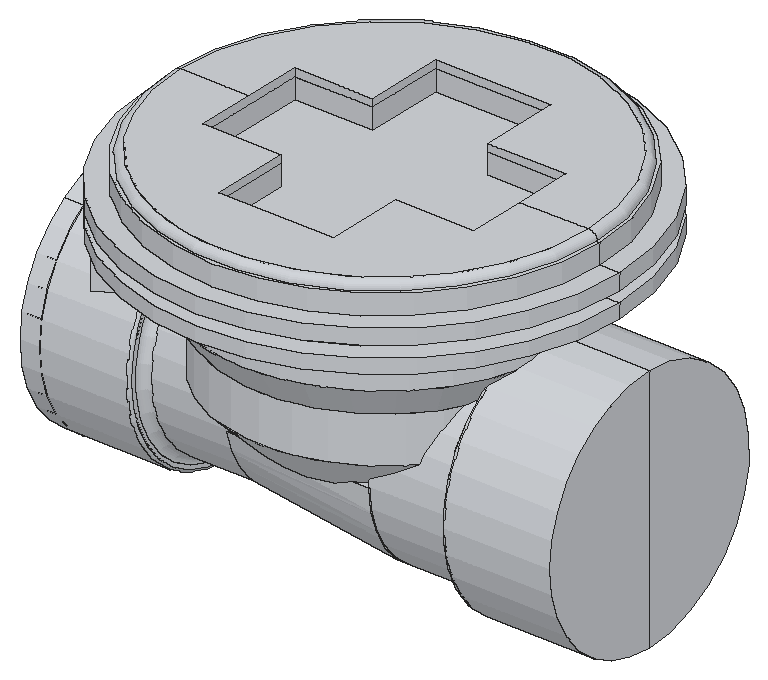
Revit family
Parameters
  URL = "www.siouxchief.com"
  Model = "869-S3A"
  Manufacturer = "Sioux Chief Manufacturing"
  Keynote = "Procheck Backflow Preventer"
  Description = "3\" ABS"
Reference planes (in)
  plane 1 "Center (Front/Back)": y = 0
  plane 2: z = 0
  plane 3 "Center (Left/Right)": x = 0
Forms (in)
  Revolve 1, solid
    sketch origin (6.20933, 0, 0) x (0, 0, 1) y (-1, 0, 0)
      loop
        line (-2.00277, 10.48306) -> (-2.00277, 8.77099)
        arc (-2.00277, 8.77099) -> (-1.98837, 8.73938) -> (-1.95771, 8.72306) r 0.05403
        line (-1.95771, 8.72306) -> (-1.89527, 8.72306)
        arc (-1.89527, 8.72306) -> (-1.7892, 8.67913) -> (-1.74527, 8.57306) r 0.15
        line (-1.74527, 8.57306) -> (-1.74527, 7.35856) -> (0, 7.35856) -> (0, 10.48306) -> (-2.00277, 10.48306)
      axis (0, 7.35856) -> (0, 10.48306)
    angle from 0 to 360
  Revolve 2, solid
    sketch origin (-6.20933, 0, -0.325) x (0, 0, 1) y (-1, 0, 0)
      loop
        line (-2.00277, -10.48306) -> (0, -10.48306) -> (0, -7.35856) -> (-1.74527, -7.35856) -> (-1.74527, -8.57306)
        arc (-1.74527, -8.57306) -> (-1.7892, -8.67913) -> (-1.89527, -8.72306) r 0.15
        line (-1.89527, -8.72306) -> (-1.95771, -8.72306)
        arc (-1.95771, -8.72306) -> (-1.98837, -8.73938) -> (-2.00277, -8.77099) r 0.05403
        line (-2.00277, -8.77099) -> (-2.00277, -10.48306)
      axis (0, -7.35856) -> (0, -10.48306)
    angle from 0 to 360
  Revolve 3, solid
    sketch origin (0, 0, 0) x (0, 0, 1) y (-1, 0, 0)
      loop
        line (3.2533, 3.4775) -> (2.9237, 3.4775) -> (2.9237, 3.8) -> (2.6737, 3.8) -> (2.6737, 3.4775) -> (2.4887, 3.4775) -> (2.4887, 3.8) -> (2.2598, 3.8) -> (2.2598, 2.88) -> (1.4989, 2.88) -> (0.966, 2.5126) -> (0.2115, 2.5126) -> (-0.4921, 1.809) -> (-0.4921, 0) -> (3.2533, 0) -> (3.2533, 3.4775)
      axis (3.2533, 0) -> (-0.4921, 0)
    angle from 0 to 360
  Extrusion 4, solid
    sketch origin (14.85944, -180, 25.11806) x (0, -1, 0) y (1, 0, 0)
      loop
        arc (-181.89136, -18.08549) -> (-180, -18.66043) -> (-178.10864, -18.08549) r 3.39844
        line (-178.10864, -18.08549) -> (-180, -14.85944) -> (-181.89136, -18.08549)
    from -24.08979 to -22.62936
  Blend 5, solid
    base sketch origin (1.14923, 0, -0.325) x (0, 1, 0) y (0, 0, -1)
      loop
        line (-1.7452, 0.01526) -> (1.7452, 0.01526)
        arc (1.7452, 0.01526) -> (0, 1.76046) -> (-1.7452, 0.01526) r 1.7452
    top sketch origin (1.14923, 0, -0.325) x (0, 1, 0) y (0, 0, -1)
      loop
        arc (1.7452, 0.01526) -> (0, 1.42027) -> (-1.7452, 0.01526) r 1.78639
        line (-1.7452, 0.01526) -> (1.7452, 0.01526)
    from 0 to 2.29846
  Extrusion 6, solid
    sketch origin (1.14923, 0, -0.325) x (0, 1, 0) y (0, 0, -1)
      loop
        circle (0, -0.325) r 2.00277
    from 5.11447 to 5.42296
  Revolve 7, solid
    sketch origin (0, 0, -0.1) x (0, 0, 1) y (-1, 0, 0)
      loop
        line (3.3533, 0) -> (3.4783, 0) -> (3.4783, 3.2925)
        arc (3.4783, 3.2925) -> (3.44351, 3.38414) -> (3.3533, 3.4225) r 0.12499
        line (3.3533, 3.4225) -> (3.3533, 0)
      axis (3.3533, 0) -> (3.4783, 0)
    angle from 0 to 360
  Extrusion 8, void
    sketch origin (14.85944, -180, 25.11806) x (0, -1, 0) y (1, 0, 0)
      loop
        line (-182.1885, -15.78694) -> (-177.8115, -15.78694) -> (-177.8115, -13.93194) -> (-182.1885, -13.93194) -> (-182.1885, -15.78694)
    from -22.19436 to -21.73976
  Extrusion 9, void
    sketch origin (-180, -14.85944, 25.11806) x (-1, 0, 0) y (0, -1, 0)
      loop
        line (-182.1885, -15.78694) -> (-177.8115, -15.78694) -> (-177.8115, -13.93194) -> (-182.1885, -13.93194) -> (-182.1885, -15.78694)
    from -22.19436 to -21.73976
Cuts and joins
  Extrusion 8, Extrusion 9 cuts Revolve 7
  Extrusion 8, Extrusion 9 cuts Revolve 3
Dimensions and locks (in)
  aligned and locked: plane 2 to level
  aligned and locked: Extrusion 4 to Revolve 3
  aligned and locked: Extrusion 8 to Revolve 7
Connectors (in)
  piping at (4.27373, 0, -0.325)
    settings: on Revolve 2, index 1, connector radius 1 1/2", flow factor 0, pipe flow 0 GPM, pressure drop 0.00 psi, fitting loss kfactor 0, connector angle 0.00°, fixture units 0, flow configuration 0, flow direction 2, fitting loss method 0, system type 22, connector reference index -1, connector utility 0, adjustable connector no, is connector primary yes, fitting loss table "", connector description ""
  piping at (-4.27373, 0, 0)
    settings: on Extrusion 6, index 2, connector radius 1 1/2", flow factor 0, pipe flow 0 GPM, pressure drop 0.00 psi, fitting loss kfactor 0, connector angle 0.00°, fixture units 0, flow configuration 0, flow direction 1, fitting loss method 0, system type 22, connector reference index -1, connector utility 0, adjustable connector no, is connector primary no, fitting loss table "", connector description ""
